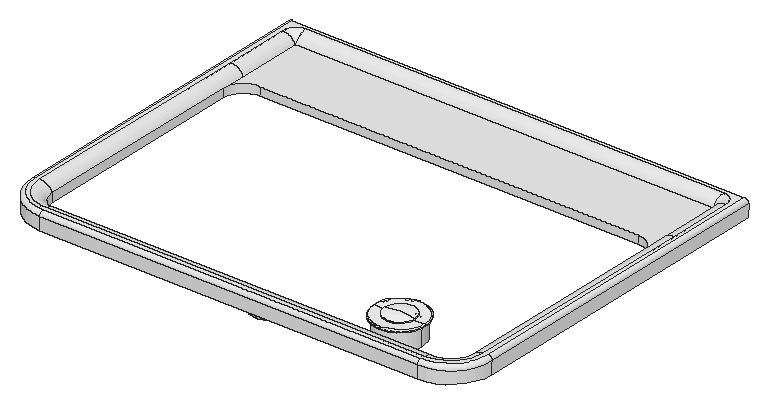
Revit family "Reece_Basin_LAUFEN_pro A_Inset Basin_560 mm", category Plumbing Fixtures, host Face, Revit 2018
Family settings
  Host = Face
  Round Connector Dimension = Use Diameter
  Part Type = Normal
  Cut with Voids When Loaded = Yes
  Shared = Yes
  Room Calculation Point = Yes
Parameters
  WFU = 0  # constant formula
  URL = "https://www.reece.com.au/product/-9510134"
  Type Comments = "Basin"
  Reece_Product_Web Page = "https://www.reece.com.au/product/-9510134"
  Reece_Product_Type = "Basin"  # constant formula
  Reece_Product_Sub Brand = "pro A"  # constant formula
  Reece_Product_Number = "9510134"
  Reece_Product_Mount = "Inset"
  Reece_Product_Description = "LAUFEN Pro A Drop Inset Basin 1 Taphole with Overflow 560x440 White"
  Reece_Product_Brand = "LAUFEN"  # constant formula
  Reece_Overall_Width = 560 mm  # constant formula
  Reece_Overall_Depth = 440 mm  # constant formula
  Reece_Material_Secondary = Reece_Brass_Chrome
  Reece_Material-Main = Reece_Vitreous China_White
  Reece_Detail_Installation = "Inset Basin"  # constant formula
  Reece_Detail_Disclaimer = "THIS FILE IS THE PROPERTY OF THE REECE GROUP. IT MAY NOT BE REPRODUCED, REVERSE-ENGINEERED OR MODIFIED. ANY REPUBLICATION, TRANSMISSION OR DISTRIBUTION FOR THE PURPOSE OF COMMERCIALLY EXPLOITING THE FILES IS PROHIBITED."  # constant formula
  Reece_Detail_Connector = "1 Taphole"  # constant formula
  Reece_Detail_Additional = "Overflow"  # constant formula
  Reece_Basin_Outlet = 40 mm  # constant formula
  Model = "pro A"
  Manufacturer = "LAUFEN"
  Keynote = "Product #9510134, Reece_Basin_LAUFEN_pro A_Inset Basin_560 mm -  "
  HWFU = 0  # constant formula
  Disclaimer = "THIS FILE IS THE PROPERTY OF THE REECE GROUP. IT MAY NOT BE REPRODUCED, REVERSE-ENGINEERED OR MODIFIED. ANY REPUBLICATION, TRANSMISSION OR DISTRIBUTION FOR THE PURPOSE OF COMMERCIALLY EXPLOITING THE FILES IS PROHIBITED."  # constant formula
  Description = "LAUFEN Pro A Drop Inset Basin 1 Taphole with Overflow 560x440 White"
  Default Elevation = 0 mm
  CWFU = 0  # constant formula
Types (2, lengths in mm): name | Keynote
  (no name) | "Product #9510134, Reece_Basin_LAUFEN_pro A_Inset Basin_560 mm -  "
  1 Taphole_Vitreous China_White | "Product #9510134, Reece_Basin_LAUFEN_pro A_Inset Basin_560 mm - 1 Taphole_Vitreous China_White"
Reference planes
  plane 1 "Center (Front/Back)": y = -74.125
  plane 2 "Benchtop": z = 0
  plane 3 "Center (Left/Right)": x = 0
  plane 4 "Top": z = 20
  plane 5 "Back": y = 145.875
  plane 6 "Right": x = 280
  plane 7 "Left": x = -280
  plane 8 "Front": y = -294.125
  plane 9 "Bottom": z = -150
  plane 10: y = -99.125
  plane 11 "Waste": y = -34.125
  plane 12: y = 90.875
  plane 13 "Taphole": z = 10
Forms (mm)
  Extrusion 1, solid, material "Reece_Vitreous China_White" <- "Reece_Material-Main"
    sketch origin (0, 0, 0) x (1, 0, 0) y (0, 1, 0)
      loop
        line (-255, 145.875) -> (-255, 15.875)
        arc (-255, 15.875) -> (-247.678, 33.553) -> (-230, 40.875) r 25
        line (-230, 40.875) -> (230, 40.875)
        arc (230, 40.875) -> (247.678, 33.553) -> (255, 15.875) r 25
        line (255, 15.875) -> (255, 145.875) -> (-255, 145.875)
    from 0 to 10
  Sweep 2, solid, material "Reece_Vitreous China_White" <- "Reece_Material-Main"
    path origin (0, 0, 0) x (1, 0, 0) y (0, 1, 0)
      loop
        line (265, 45.875) -> (265, 124.875)
        arc (265, 124.875) -> (261.778, 132.654) -> (254, 135.875) r 11
        line (254, 135.875) -> (-254, 135.875)
        arc (-254, 135.875) -> (-261.778, 132.654) -> (-265, 124.875) r 11
        line (-265, 124.875) -> (-265, 45.875)
    profile origin (-265, 45.875, 0) x (1, 0, 0) y (0, 0, 1)
      loop
        arc (10, 10) -> (4.014, 17.271) -> (-5, 20) r 16.25
        line (-5, 20) -> (-5, 10) -> (10, 10)
  Extrusion 3, solid, material "Reece_Vitreous China_White" <- "Reece_Material-Main"
    sketch origin (0, 0, 0) x (1, 0, 0) y (0, 1, 0)
      loop
        line (-270, 145.875) -> (-270, 124.875)
        arc (-270, 124.875) -> (-265.314, 136.189) -> (-254, 140.875) r 16
        line (-254, 140.875) -> (254, 140.875)
        arc (254, 140.875) -> (265.314, 136.189) -> (270, 124.875) r 16
        line (270, 124.875) -> (270, 145.875) -> (-270, 145.875)
    from 0 to 20
  Sweep 4, solid, material "Reece_Vitreous China_White" <- "Reece_Material-Main"
    path origin (0, 0, 20) x (-1, 0, 0) y (0, -1, 0)
      loop
        line (-280, -145.875) -> (-280, 244.125)
        arc (-280, 244.125) -> (-265.355, 279.48) -> (-230, 294.125) r 50
        line (-230, 294.125) -> (230, 294.125)
        arc (230, 294.125) -> (265.355, 279.48) -> (280, 244.125) r 50
        line (280, 244.125) -> (280, -145.875)
    profile origin (-280, -49.125, 20) x (-1, 0, 0) y (0, 0, 1)
      loop
        arc (-10, 0) -> (-19.014, -2.729) -> (-25, -10) r 16.25
        line (-25, -10) -> (-25, -20) -> (0, -20) -> (0, -5)
        arc (0, -5) -> (-1.464, -1.464) -> (-5, 0) r 5
        line (-5, 0) -> (-10, 0)
  Revolve 5, solid, material "Reece_Brass_Chrome" <- "Reece_Material_Secondary"
    sketch origin (0, -34.125, -126.632) x (1, 0, 0) y (0, 0, 1)
      loop
        line (30.411, 1.945) -> (15.522, 1.165) -> (15.522, 2.432) -> (18.114, 2.432) -> (18.38, 3.422)
        arc (18.38, 3.422) -> (9.258, 5.039) -> (0, 5.354) r 65.538
        line (0, 5.354) -> (0, -23.368) -> (20.215, -23.368) -> (20.215, -0.592) -> (31.463, -0.003) -> (31.463, 0.946)
        arc (31.463, 0.946) -> (31.151, 1.672) -> (30.411, 1.945) r 1
      axis (0, -23.368) -> (0, 5.354)
    angle from 0 to 360
  Extrusion 6, void
    sketch origin (0, 0, 0) x (1, 0, 0) y (0, 1, 0)
      loop
        line (-280, 145.875) -> (-280, -244.125)
        arc (-280, -244.125) -> (-265.355, -279.48) -> (-230, -294.125) r 50
        line (-230, -294.125) -> (230, -294.125)
        arc (230, -294.125) -> (265.355, -279.48) -> (280, -244.125) r 50
        line (280, -244.125) -> (280, 145.875) -> (-280, 145.875)
    from 0 to -150
  Extrusion 7, void
    sketch origin (0, 0, -150) x (-1, 0, 0) y (0, -1, 0)
      loop
        circle (0, 34.125) r 30
    from 0 to -50
  Revolve 8, solid, material "Reece_Brass_Chrome" <- "Reece_Material_Secondary"
    sketch origin (0, 0.781, 0.312) x (0, 1, 0) y (0, 0, 1)
      loop
        line (-260.087, -8.394) -> (-261.423, -9.075) -> (-258.959, -13.911) -> (-262.523, -15.727) -> (-258.178, -24.256) -> (-253.277, -21.759) -> (-260.087, -8.394)
      axis (-253.277, -21.759) -> (-258.178, -24.256)
    angle from 0 to 360
  Revolve 9, solid, material "Reece_Vitreous China_White" <- "Reece_Material-Main"
    sketch origin (0, -34.125, 0) x (-1, 0, 0) y (0, 0, 1)
      loop
        line (22.215, -150) -> (27.215, -150) -> (27.215, -130) -> (22.215, -130) -> (22.215, -150)
      axis (0, -150) -> (0, -130)
    angle from 0 to 360
Cuts and joins
  joined: Extrusion 1, Sweep 2, Extrusion 3, Sweep 4
Lines and regions (mm)
  model lines
    curve 1: circle (0, 90.875, 10) r 17.5 normal (0, 0, 1)
Text (mm)
  text "Reece Copyright © 2018, Reece Ltd." at (-902.343, -740.328, 0), in view "Ref. Level"
  text "Reece ©" at (44.384, 258.95, 192.345), in view "Reece Preview"
Dimensions and locks
  equal spacing: plane 7 "Left", plane 3 "Center (Left/Right)", plane 6 "Right"
  "Reece_Overall_Width": plane 7 "Left" to plane 6 "Right"
  "Reece_Overall_Depth": plane 5 "Back" to plane 8 "Front"
  equal spacing: plane 5 "Back", plane 1 "Center (Front/Back)", plane 8 "Front"
  plane 4 "Top" to plane 2 "Benchtop" = 20 mm
  plane 2 "Benchtop" to plane 9 "Bottom" = 150 mm
  plane 5 "Back" to plane 12 to plane 11 "Waste" = 55 mm, 125 mm
  plane 5 "Back" to plane 11 "Waste" = 180 mm
  plane 5 "Back" to plane 10 = 245 mm  (x2)
  plane 6 "Right" to plane 7 "Left" = 560 mm
  plane 9 "Bottom" to plane 2 "Benchtop" to plane 4 "Top" = 150 mm, 20 mm
  plane 7 "Left" to plane 6 "Right" = 560 mm
  plane 5 "Back" to plane 8 "Front" = 440 mm
  plane 4 "Top" to plane 2 "Benchtop" to plane 9 "Bottom" = 20 mm, 150 mm  (x2)
  plane 8 "Front" to plane 5 "Back" = 440 mm
  aligned and locked: plane 2 "Benchtop" to host face
  aligned and locked: level to host face
Automatic sketch dimensions
  host sketch curve to host sketch curve = 801.051 mm
  host sketch curve to host sketch curve = 581.615 mm
  Sweep 2 sketch curve to plane 7 "Left" = 15 mm
  Sweep 2 sketch curve to Sweep 2 sketch curve = 11 mm  (x2)
  Sweep 2 sketch curve to plane 6 "Right" = 26 mm
  Sweep 2 sketch curve to plane 5 "Back" = 21 mm
  Sweep 2 sketch curve to Sweep 2 sketch curve = 79 mm  (x2)
  Sweep 2 sketch curve to Sweep 2 sketch curve = 15 mm
  plane 2 "Benchtop" to Sweep 2 sketch curve = 3.75 mm
  plane 2 "Benchtop" to Sweep 2 sketch curve = 10 mm
  profile plane to Sweep 2 sketch curve = 5 mm
  Extrusion 3 sketch curve to plane 5 "Back" = 0 mm
  Extrusion 3 sketch curve to plane 5 "Back" = 21 mm
  Extrusion 3 sketch curve to plane 7 "Left" = 26 mm
  Extrusion 3 sketch curve to Extrusion 3 sketch curve = 0 mm  (x2)
  Extrusion 3 sketch curve to Extrusion 3 sketch curve = 16 mm  (x3)
  Extrusion 3 sketch curve to plane 6 "Right" = 10 mm
  Extrusion 1 sketch curve to plane 5 "Back" = 0 mm
  Extrusion 1 sketch curve to plane 7 "Left" = 25 mm
  Extrusion 1 sketch curve to plane 6 "Right" = 25 mm
  Extrusion 1 sketch curve to plane 5 "Back" = 105 mm
  Extrusion 1 sketch curve to Extrusion 1 sketch curve = 25 mm  (x4)
  Extrusion 1 sketch curve to Extrusion 1 sketch curve = 0 mm  (x2)
  Extrusion 3 sketch curve to plane 7 "Left" = 10 mm
  Sweep 4 sketch curve to plane 6 "Right" = 0 mm
  plane 8 "Front" to Sweep 4 sketch curve = 0 mm
  Sweep 4 sketch curve to plane 5 "Back" = 0 mm  (x2)
  Sweep 4 sketch curve to plane 7 "Left" = 0 mm
  Sweep 4 sketch curve to Sweep 4 sketch curve = 50 mm
  Sweep 4 sketch curve to plane 7 "Left" = 50 mm
  curve 1 to plane 3 "Center (Left/Right)" = 0 mm
  curve 1 to plane 12 = 0 mm
  plane 3 "Center (Left/Right)" to Revolve 5 sketch curve = 0 mm
  Revolve 5 sketch curve to Revolve 5 sketch curve = 2.408 mm  (x2)
  Revolve 5 sketch curve to Revolve 5 sketch curve = 2.592 mm
  Revolve 5 sketch curve to Revolve 5 sketch curve = 0.265 mm
  Revolve 5 sketch curve to Revolve 5 sketch curve = 0.052 mm
  Revolve 5 sketch curve to Revolve 5 sketch curve = 1 mm
  Revolve 5 sketch curve to Revolve 5 sketch curve = 1.267 mm
  Revolve 5 sketch curve to Revolve 5 sketch curve = 0.991 mm
  Revolve 5 sketch curve to Revolve 5 sketch curve = 5.221 mm
  Revolve 5 sketch curve to Revolve 5 sketch curve = 12.687 mm
  Revolve 5 sketch curve to Revolve 5 sketch curve = 4.693 mm
  Revolve 5 sketch curve to Revolve 5 sketch curve = 1.757 mm
  Revolve 5 sketch curve to Revolve 5 sketch curve = 10.195 mm
  Revolve 5 sketch curve to Revolve 5 sketch curve = 0.589 mm
  Revolve 5 sketch curve to Revolve 5 sketch curve = 0.949 mm
  plane 3 "Center (Left/Right)" to Revolve 5 sketch curve = 15.522 mm
  Sweep 4 sketch curve to plane 4 "Top" = 0 mm
  Sweep 4 sketch curve to profile plane = 0 mm
  Sweep 4 sketch curve to plane 4 "Top" = 5 mm
  Sweep 4 sketch curve to Sweep 4 sketch curve = 5 mm
  Sweep 4 sketch curve to plane 4 "Top" = 10 mm
  Sweep 4 sketch curve to Sweep 4 sketch curve = 3.75 mm
  Sweep 4 sketch curve to Sweep 4 sketch curve = 15 mm
  Extrusion 6 sketch curve to plane 5 "Back" = 0 mm
  Extrusion 6 sketch curve to plane 7 "Left" = 0 mm
  plane 8 "Front" to Extrusion 6 sketch curve = 0 mm
  Extrusion 6 sketch curve to plane 6 "Right" = 0 mm
  Extrusion 6 sketch curve to plane 7 "Left" = 50 mm
  Extrusion 6 sketch curve to Extrusion 6 sketch curve = 50 mm
  Extrusion 7 sketch curve to plane 3 "Center (Left/Right)" = 0 mm
  Extrusion 7 sketch curve to plane 11 "Waste" = 0 mm
  Revolve 5 sketch curve to plane 9 "Bottom" = 36.771 mm
  Revolve 5 sketch curve to Revolve 5 sketch curve = 36.771 mm
  plane 9 "Bottom" to Revolve 5 sketch curve = 22.776 mm
  Revolve 8 sketch curve to level = 15.414 mm
  Revolve 8 sketch curve to plane 8 "Front" = 32.383 mm
  Revolve 8 sketch curve to level = 8.762 mm
  Revolve 8 sketch curve to Revolve 8 sketch curve = 1.1 mm
  Revolve 8 sketch curve to level = 8.081 mm
  Revolve 8 sketch curve to Revolve 8 sketch curve = 1.337 mm
  Revolve 8 sketch curve to level = 23.943 mm
  Revolve 8 sketch curve to Revolve 8 sketch curve = 12.424 mm
  Revolve 8 sketch curve to Revolve 8 sketch curve = 0.446 mm
  Revolve 8 sketch curve to Revolve 8 sketch curve = 6.33 mm
  Revolve 8 sketch curve to Revolve 8 sketch curve = 0.227 mm
  Revolve 9 sketch curve to plane 3 "Center (Left/Right)" = 0 mm
  Revolve 9 sketch curve to plane 9 "Bottom" = 0 mm  (x2)
  Revolve 9 sketch curve to plane 3 "Center (Left/Right)" = 22.215 mm
  Revolve 9 sketch curve to Revolve 9 sketch curve = 5 mm
  Revolve 9 sketch curve to Revolve 9 sketch curve = 20 mm
  Revolve 9 sketch curve to Revolve 9 sketch curve = 21.148 mm
  radius of curve 1 = 17.5 mm
  radius of Extrusion 7 sketch curve = 30 mm
Connectors
  piping at (0, -34.125, -150), diameter 40, driven by "Reece_Basin_Outlet"
    settings: on Revolve 5, index 1, connector inside diameter 609.6 mm, connector length 0 mm, flow factor 0, pipe flow 0.0 L/s, pressure drop 0.0 Pa, fitting loss kfactor 0, connector angle 0.00°, fixture units 0, engagement length 0 mm, angle of deflection 0.00°, flow configuration 0, flow direction 2, fitting loss method 0, system type 16, joint type 0, gender type 0, connector reference index -1, connector utility 0, adjustable connector no, is connector primary yes, connector description ""
